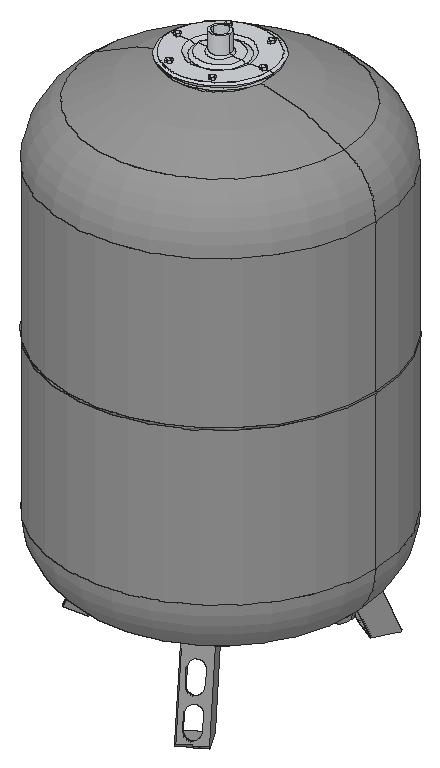
Revit family "WAV 500", category Оборудование, Revit 2014
Parameters
  Описание = "Мембранный бак для водоснабжения V=500л, Py=10бар, 1 1/4\""
  Материал крышки = Черная резина
  Материал = Синяя краска
  Масса кг = "55.5"
  Крышка [instance] = yes
  Комментарии к типоразмеру = "WAV 500 top"
  Изготовитель = "WESTER"  # constant formula
  URL = "http://www.wester.su/"
Reference planes
  plane 1 "По центру (Вперед/Назад)": y = 0
  plane 2: z = 0
  plane 3 "По центру (Влево/Вправо)": x = 0
Forms (mm)
  Revolve 1, solid, material "Синяя краска" <- "Материал"
    sketch origin (-161.5, 0, 724.103) x (0, 0, -1) y (1, 0, 0)
      loop
        line (389.766, 551.5) -> (-3.265, 551.5)
        arc (-3.265, 551.5) -> (-5.597, 552.683) -> (-7.929, 551.5) r 2.889
        line (-7.929, 551.5) -> (-387.039, 551.5)
        arc (-387.039, 551.5) -> (-464.993, 530.588) -> (-522.013, 473.466) r 155.749
        arc (-522.013, 473.466) -> (-569.327, 370.931) -> (-597.499, 261.576) r 627.56
        line (-597.499, 261.576) -> (-612.097, 246.978) -> (-612.097, 161.5) -> (608.144, 161.5) -> (608.144, 185.553)
        arc (608.144, 185.553) -> (583.165, 333.867) -> (524.912, 472.529) r 652.913
        arc (524.912, 472.529) -> (468.03, 530.31) -> (389.766, 551.5) r 155.126
      axis (-612.097, 161.5) -> (608.144, 161.5)
    angle from 0 to 360
  Revolve 2, solid
    sketch origin (0, 0, 1076.484) x (1, 0, 0) y (0, 0, 1)
      loop
        line (0, 259.716) -> (120, 259.716) -> (120, 266.716) -> (86.261, 266.716) -> (86.261, 271.289) -> (129.093, 271.289) -> (131.207, 275.82) -> (123.282, 279.516) -> (75.172, 279.516) -> (64.45, 274.516) -> (53.727, 279.516) -> (29.447, 279.516)
        arc (29.447, 279.516) -> (27.489, 282.542) -> (24.478, 284.525) r 8.761
        line (24.478, 284.525) -> (24.478, 328.516) -> (19.486, 328.516) -> (19.486, 279.516) -> (0, 279.516) -> (0, 259.716)
      axis (0, 328.516) -> (0, 259.716)
    angle from 0 to 360
  Revolve 3, solid
    sketch origin (-16.269, 0, 774.513) x (-0.870356, 0, -0.492424) y (0.492424, 0, -0.870356)
      loop
        line (-3.985, 667.167) -> (-3.985, 656.503) -> (-5.516, 656.503) -> (-5.516, 652.003) -> (0, 652.003) -> (0, 664.309) -> (-1.586, 664.309) -> (-2.15, 664.873) -> (-2.15, 668.156) -> (-2.997, 668.156) -> (-3.985, 667.167)
      axis (0, 668.156) -> (0, 652.003)
    angle from 0 to 360
  Revolve 4, solid, material "Синяя краска" <- "Материал", visible <- "Крышка"
    sketch origin (-16.269, 0, 774.513) x (-0.870356, 0, -0.492424) y (0.492424, 0, -0.870356)
      loop
        line (0, 652.003) -> (0, 670.119) -> (-16.18, 670.119) -> (-21.758, 662.442) -> (-7.391, 652.003) -> (0, 652.003)
      axis (0, 670.119) -> (0, 652.003)
    angle from 0 to 360
  Revolve 5, void
    sketch origin (142.955, 0, -2.323) x (0.999962, 0, -0.008727) y (0.008727, 0, 0.999962)
      loop
        line (153.8, 207.184) -> (147.466, 193.322)
        arc (147.466, 193.322) -> (145.41, 190.073) -> (142.56, 187.491) r 14.244
        line (142.56, 187.491) -> (143.693, 184.471) -> (167.312, 198.108) -> (160.004, 210.765) -> (153.8, 207.184)
      axis (167.312, 198.108) -> (160.004, 210.765)
    angle from 0 to 360
  Revolve 6, solid
    sketch origin (0, 0, 883.942) x (-1, 0, 0) y (0, 0, -1)
      loop
        line (-11.2, 786.045) -> (-13.197, 784.047) -> (-13.197, 779.546) -> (-18.51, 779.546) -> (-18.51, 773.046) -> (-24.043, 773.046) -> (-24.043, 767.983) -> (0, 767.983) -> (0, 773.046) -> (-9.238, 773.046) -> (-9.238, 786.045) -> (-11.2, 786.045)
      axis (0, 786.045) -> (0, 767.983)
    angle from 0 to 360
  Extrusion 7, solid, material "Синяя краска" <- "Материал"
    sketch origin (0, 0, 3.576) x (1, 0, 0) y (0, 0, 1)
      loop
        arc (-365.755, 0.576) -> (-365.481, -2.241) -> (-362.985, -3.576) r 3
        line (-362.985, -3.576) -> (-302.5, -3.576) -> (-233.382, 162.625) -> (-288.782, 185.664) -> (-365.755, 0.576)
    from -35 to 35
  Extrusion 8, void
    sketch origin (0, 0, 3.576) x (1, 0, 0) y (0, 0, 1)
      loop
        line (-287.397, 185.088) -> (-364.37, 0)
        arc (-364.37, 0) -> (-364.214, -1.437) -> (-362.916, -2.076) r 1.501
        line (-362.916, -2.076) -> (-298.864, -2.076) -> (-230.814, 161.557) -> (-287.397, 185.088)
    from -33.5 to 33.5
  Extrusion 9, void
    sketch origin (0, 0, 0) x (0, 1, 0) y (0, 0, 1)
      loop
        arc (-20, 31.741) -> (0, 11.741) -> (20, 31.741) r 20
        line (20, 31.741) -> (20, 60.017)
        arc (20, 60.017) -> (0, 80.017) -> (-20, 60.017) r 20
        line (-20, 60.017) -> (-20, 31.741)
      loop
        arc (-20, 114.841) -> (0, 94.841) -> (20, 114.841) r 20
        line (20, 114.841) -> (20, 143.117)
        arc (20, 143.117) -> (0, 163.117) -> (-20, 143.117) r 20
        line (-20, 143.117) -> (-20, 114.841)
    from -373.182 to -245.757
  Extrusion 10, solid, material "Синяя краска" <- "Материал"
    sketch origin (-0.058, 0.1, 3.576) x (-0.5, 0.866025, 0) y (0, 0, 1)
      loop
        arc (-365.755, 0.576) -> (-365.481, -2.241) -> (-362.985, -3.576) r 3
        line (-362.985, -3.576) -> (-302.5, -3.576) -> (-233.382, 162.625) -> (-288.782, 185.664) -> (-365.755, 0.576)
    from -35 to 35
  Extrusion 11, void
    sketch origin (-0.058, 0.1, 3.576) x (-0.5, 0.866025, 0) y (0, 0, 1)
      loop
        line (-287.397, 185.088) -> (-364.37, 0)
        arc (-364.37, 0) -> (-364.214, -1.437) -> (-362.916, -2.076) r 1.501
        line (-362.916, -2.076) -> (-298.864, -2.076) -> (-230.814, 161.557) -> (-287.397, 185.088)
    from -33.5 to 33.5
  Extrusion 12, solid, material "Синяя краска" <- "Материал"
    sketch origin (-0.058, -0.1, 3.576) x (-0.5, -0.866025, 0) y (0, 0, 1)
      loop
        arc (-365.755, 0.576) -> (-365.481, -2.241) -> (-362.985, -3.576) r 3
        line (-362.985, -3.576) -> (-302.5, -3.576) -> (-233.382, 162.625) -> (-288.782, 185.664) -> (-365.755, 0.576)
    from -35 to 35
  Extrusion 13, void
    sketch origin (-0.058, -0.1, 3.576) x (-0.5, -0.866025, 0) y (0, 0, 1)
      loop
        line (-287.397, 185.088) -> (-364.37, 0)
        arc (-364.37, 0) -> (-364.214, -1.437) -> (-362.916, -2.076) r 1.501
        line (-362.916, -2.076) -> (-298.864, -2.076) -> (-230.814, 161.557) -> (-287.397, 185.088)
    from -33.5 to 33.5
  Extrusion 14, void
    sketch origin (11.101, -19.798, 0) x (-0.866025, -0.5, 0) y (0, 0, 1)
      loop
        arc (-20, 31.741) -> (0, 11.741) -> (20, 31.741) r 20
        line (20, 31.741) -> (20, 60.017)
        arc (20, 60.017) -> (0, 80.017) -> (-20, 60.017) r 20
        line (-20, 60.017) -> (-20, 31.741)
      loop
        arc (-20, 114.841) -> (0, 94.841) -> (20, 114.841) r 20
        line (20, 114.841) -> (20, 143.117)
        arc (20, 143.117) -> (0, 163.117) -> (-20, 143.117) r 20
        line (-20, 143.117) -> (-20, 114.841)
    from -373.182 to -245.757
  Extrusion 15, void
    sketch origin (11.683, 20.121, 0) x (0.866025, -0.5, 0) y (0, 0, 1)
      loop
        arc (-20, 31.741) -> (0, 11.741) -> (20, 31.741) r 20
        line (20, 31.741) -> (20, 60.017)
        arc (20, 60.017) -> (0, 80.017) -> (-20, 60.017) r 20
        line (-20, 60.017) -> (-20, 31.741)
      loop
        arc (-20, 114.841) -> (0, 94.841) -> (20, 114.841) r 20
        line (20, 114.841) -> (20, 143.117)
        arc (20, 143.117) -> (0, 163.117) -> (-20, 143.117) r 20
        line (-20, 143.117) -> (-20, 114.841)
    from -373.182 to -245.757
Cuts and joins
  Revolve 5, Extrusion 11, Extrusion 13 cuts Revolve 1
  Extrusion 8, Extrusion 9, Extrusion 11, Extrusion 13, Extrusion 14 cuts Extrusion 7
  Extrusion 11, Extrusion 14, Extrusion 15 cuts Extrusion 10
  Extrusion 13, Extrusion 15 cuts Extrusion 12
Dimensions and locks
  aligned and locked: level to plane 2
Nested families
  nested 1: "Болт" at (54.062, -93.516, 1356) x (-1, 0, 0) z (0, 0, 1), type "Болт"
  nested 2: "Болт" at (-108.057, 0, 1356) x (-1, 0, 0) z (0, 0, 1), type "Болт"
  nested 3: "Болт" at (108.057, 0, 1356), type "Болт"
  nested 4: "Болт" at (-54.063, -93.516, 1356), type "Болт"
  nested 5: "Болт" at (54.062, 93.516, 1356) x (-1, 0, 0) z (0, 0, 1), type "Болт"
  nested 6: "Болт" at (-54.063, 93.516, 1356), type "Болт"
Connectors
  piping at (0, 0, 1405), diameter 32
    settings: on Revolve 2, index 1, connector inside diameter 609.6 mm, connector length 0 mm, flow factor 0, pipe flow 0.0 L/s, pressure drop 0.0 Pa, fitting loss kfactor 0, connector angle 0.00°, fixture units 0, engagement length 0 mm, angle of deflection 0.00°, flow configuration 1, flow direction 0, fitting loss method 0, system type 29, joint type 0, gender type 0, connector reference index -1, connector utility 0, adjustable connector no, is connector primary yes, connector description ""
Definition of nested family "Болт"
  Parameters (values of type "Болт")
    Default Elevation = 1219.2 mm
  Reference planes
    plane 1 "По центру (Вперед/Назад)": y = 0
    plane 2: z = 0
    plane 3 "По центру (Влево/Вправо)": x = 0
  Forms (mm)
    Extrusion 1, solid
      sketch origin (0, 0, 0) x (1, 0, 0) y (0, 1, 0)
        loop
          line (-1219.2, 1219.2) -> (-1219.2, -1219.2) -> (1219.2, -1219.2) -> (1219.2, 1219.2) -> (-1219.2, 1219.2)
      from 0 to -304.8
    Extrusion 2, solid, detail levels medium+fine
      sketch origin (0, 0, 0) x (0, 1, 0) y (-1, 0, 0)
        loop
          line (-6.5, -3.753) -> (0, -7.506) -> (6.5, -3.753) -> (6.5, 3.753) -> (0, 7.506) -> (-6.5, 3.753) -> (-6.5, -3.753)
      from 0 to 5.3
    Extrusion 3, solid, detail levels medium+fine
      sketch origin (0, 0, 0) x (1, 0, 0) y (0, 1, 0)
        loop
          circle (0, 0) r 4
      from -14 to 0
    Revolve 4, void
      sketch origin (0, 0, 0) x (1, 0, 0) y (0, 0, 1)
        loop
          line (-7.506, 4.447) -> (-6.413, 5.3) -> (-7.506, 5.3) -> (-7.506, 4.447)
        axis (0, 5.3) -> (0, 4.3)
      angle from 0 to 360
    Revolve 5, void
      sketch origin (0, 0, 0) x (1, 0, 0) y (0, 0, 1)
        loop
          line (-4, -14) -> (-2.365, -14) -> (-4, -12.365) -> (-4, -14)
        axis (0, -12.365) -> (0, -14)
      angle from 0 to 360
  Cuts and joins
    Revolve 4 cuts Extrusion 2
    Revolve 5 cuts Extrusion 3
    joined: Extrusion 2, Extrusion 3
  Dimensions and locks
    aligned and locked: plane 2 to Extrusion 1
    aligned and locked: level to Extrusion 1
    aligned and locked: Revolve 4 sketch curve to plane 3 "По центру (Влево/Вправо)"
    aligned and locked: cut or joined group of Extrusion 2, Extrusion 3, Revolve 4, Revolve 5 to Revolve 4 sketch curve
